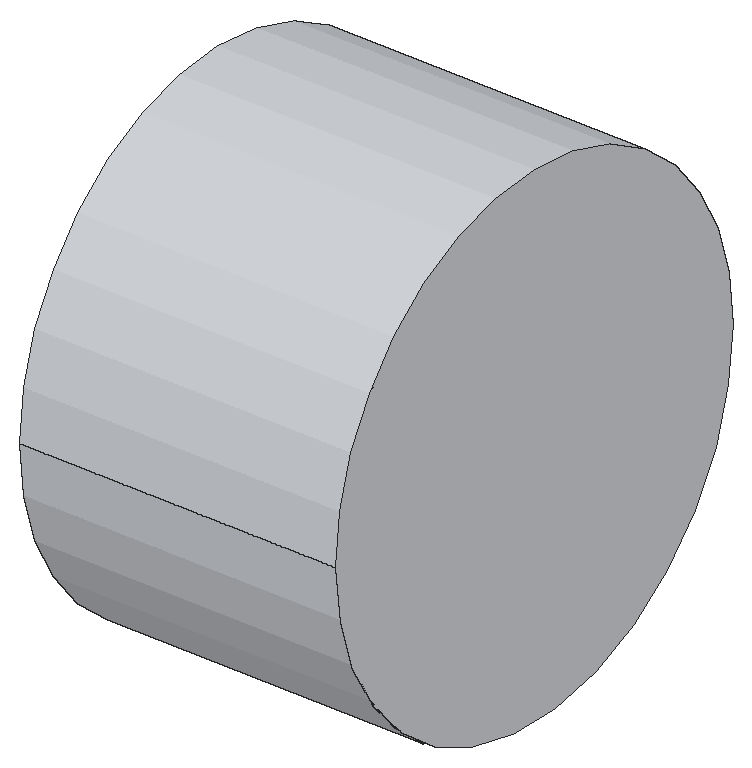
Revit family "Bucha de redução curta - PVC - CW", category Conexões de tubo, Revit 2019
Family settings
  Cota do conector redondo = Usar raio
  Tipo de parte = Transição
  Com base no plano de trabalho = Não
  Sempre na vertical = Sim
  Corte com vazios quando carregada = Não
  Compartilhado = Não
Parameters (values of type "Padrão")
  Visibilidade 3 [instance] = Diâmetro nominal 1 < Diâmetro nominal 2  # no
  Visibilidade 2 [instance] = Diâmetro nominal 1 > Diâmetro nominal 2  # yes
  Visibilidade 1 [instance] = Diâmetro nominal 1 = Diâmetro nominal 2  # no
  Tamanho da marca de cota 2 [instance] = Diâmetro externo da conexão 2 * 0.4  # 11.6 mm
  Tamanho da marca de cota 1 [instance] = Diâmetro externo da conexão 1 * 0.4  # 11.6 mm
  Raio nominal 2 [instance] = 10 mm
  Diâmetro nominal 2 [instance] = Raio nominal 2 * 2  # 20 mm
  Model = ""
  Diâmetro nominal máx. [instance] = if(Diâmetro nominal 1 > Diâmetro nominal 2, Diâmetro nominal 1, Diâmetro nominal 2)  # 25 mm
  Nome da tabela de pesquisa = "BR_Bush Reducing Short - PVC - CW"
  Diâmetro externo da conexão 2 [instance] = size_lookup(Nome da tabela de pesquisa, "FOD", 1.07 * Diâmetro nominal 2 + 4.00 mm, Diâmetro nominal 2)  # 29 mm
  Diâmetro externo da conexão 1 [instance] = size_lookup(Nome da tabela de pesquisa, "FOD", 1.07 * Diâmetro nominal 1 + 4.00 mm, Diâmetro nominal 1)  # 29 mm
  Manufacturer = ""
  Raio externo da conexão [instance] = Diâmetro externo da conexão / 2  # 14.5 mm
  Diâmetro externo da conexão [instance] = size_lookup(Nome da tabela de pesquisa, "FOD", 1.07 * Diâmetro nominal máx. + 4.00 mm, Diâmetro nominal 1, Diâmetro nominal 2)  # 29 mm
  Comprimento [instance] = size_lookup(Nome da tabela de pesquisa, "Lgt", 0.48 * Diâmetro nominal máx. + 7.10 mm, Diâmetro nominal 1, Diâmetro nominal 2)  # 18.5 mm
  Raio nominal 1 [instance] = 12.5 mm
  Diâmetro nominal 1 [instance] = Raio nominal 1 * 2  # 25 mm
  Loss Method = 1
  Tabela de coeficiente K = "Transição de contração/alargamento"
  Description = ""
Reference planes
  plane 1 "Centro (Frente/Trás)": y = 0
  plane 2: z = 0
  plane 3 "Centro (Esquerda/Direita)": x = 0
  plane 4: y = 11.6
  plane 5: y = -11.6
  plane 6: x = 0
Forms (mm)
  Sweep 1, solid, detail levels fine
    path in 3D
      loop
        line (0, 0, 0) -> (18.5, 0, 0)
    profile origin (9.25, 0, 0) x (0, 1, 0) y (0, 0, 1)
      loop
        circle (0, 0) r 14.5
Lines and regions (mm)
  reference lines
    curve 1: line (0, 0, 0) -> (18.5, 0, 0)
  sketch lines
    curve 2: line (0, 0, 0) -> (18.5, 0, 0)
  model lines, detail levels coarse+medium
    curve 3: line (0, 11.6, 0) -> (0, -11.6, 0)
    curve 9: line (18.5, 11.6, 0) -> (18.5, -11.6, 0)
  model lines, visible <- "Visibilidade 1", detail levels coarse+medium
    curve 4: line (0, 0, 0) -> (18.5, 0, 0)
  model lines, visible <- "Visibilidade 2", detail levels coarse+medium
    curve 5: line (0, 11.6, 0) -> (18.5, 0, 0)
    curve 6: line (0, -11.6, 0) -> (18.5, 0, 0)
  model lines, visible <- "Visibilidade 3", detail levels coarse+medium
    curve 7: line (18.5, 11.6, 0) -> (0, 0, 0)
    curve 8: line (18.5, -11.6, 0) -> (0, 0, 0)
Dimensions and locks
  "Tamanho da marca de cota 1": plane 1 "Centro (Frente/Trás)" to plane 4
  equal spacing: plane 5, plane 1 "Centro (Frente/Trás)", plane 4
  "Comprimento": curve 1 to curve 1
  "Comprimento": plane 6 to curve 4
  "Tamanho da marca de cota 2": plane 1 "Centro (Frente/Trás)" to curve 9
  "Tamanho da marca de cota 2": curve 9 to plane 1 "Centro (Frente/Trás)"
  "Raio externo da conexão": radius of Sweep 1 sketch curve
  aligned and locked: plane 5 to curve 6
  aligned and locked: plane 4 to curve 5
  aligned and locked: curve 9 to curve 4
Automatic sketch dimensions
  plane 1 "Centro (Frente/Trás)" to curve 1 = 0.00 mm
  curve 1 to plane 3 "Centro (Esquerda/Direita)" = 0.00 mm
  Sweep 1 sketch curve to profile plane = 0.00 mm  (x2)
  curve 3 to plane 3 "Centro (Esquerda/Direita)" = 0.00 mm
  plane 1 "Centro (Frente/Trás)" to curve 5 = 0.00 mm
Connectors
  piping at (0, 0, 0), diameter 25, driven by "Raio nominal 1"
    settings: on Sweep 1, index 1, connector inside diameter 25 mm, connector length 0.00 mm, flow factor 0, pipe flow 0.0 L/s, pressure drop 0.0 Pa, fitting loss kfactor 0, connector angle 0.00°, fixture units 0, engagement length 0.00 mm, angle of deflection 0.00°, flow configuration 0, flow direction 0, fitting loss method 0, system type 28, joint type 0, gender type 0, connector reference index 2, connector utility 0, adjustable connector no, is connector primary yes, connector description ""
  piping at (18.5, 0, 0), diameter 20, driven by "Raio nominal 2"
    settings: on Sweep 1, index 2, connector inside diameter 20 mm, connector length 0.00 mm, flow factor 0, pipe flow 0.0 L/s, pressure drop 0.0 Pa, fitting loss kfactor 0, connector angle 0.00°, fixture units 0, engagement length 0.00 mm, angle of deflection 0.00°, flow configuration 0, flow direction 0, fitting loss method 0, system type 28, joint type 0, gender type 0, connector reference index 1, connector utility 0, adjustable connector no, is connector primary no, connector description ""
